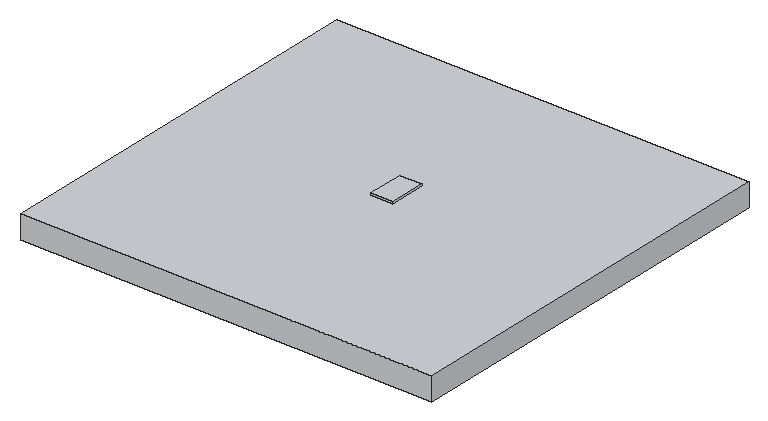
Revit family "4adca9bf16f84ef5a02845d76e020a47", category Electrical Fixtures, host Face, Revit 2021
Family settings
  Host = Face
  Maintain Annotation Orientation = Yes
  Round Connector Dimension = Use Diameter
  Part Type = Normal
  OmniClass Number = 23.80.50.11.17
  OmniClass Title = Ground Fault Receptacles
  Seek Item ID = Isolated Ground Receptacle-0000-USA-ENU
  Cut with Voids When Loaded = No
  Shared = No
  Room Calculation Point = No
Parameters (values of type "Standard")
  Switch Voltage = 120 V
  Load Classification = Receptacle
  Load = 180 VA
  Label = "IG"
  Default Elevation = 1' - 6"
  Assembly Code = ""
Reference planes (in)
  plane 1 "Center (Front/Back)": y = 0
  plane 2: z = 0
  plane 3 "Center (Left/Right)": x = 0
  plane 4: x = -1.375
  plane 5: x = 1.375
  plane 6: x = -0.75
  plane 7: x = 0.75
  plane 8: y = 2.25
  plane 9: y = -2.25
  plane 10: y = 1.5
  plane 11: y = -1.5
  plane 12 "level above": z = 0.1875
  plane 13 "level below": z = -2.125
Forms (in)
  Extrusion 1, solid
    sketch origin (0, 0, 0) x (1, 0, 0) y (0, 1, 0)
      loop
        line (-25.375, 22.5) -> (-25.375, -26.25) -> (25.375, -26.25) -> (25.375, 22.5) -> (-25.375, 22.5)
    from 0 to -2.86111
  Extrusion 2, solid
    sketch origin (0, 0, 0) x (1, 0, 0) y (0, 1, 0)
      loop
        line (-1.375, 2.25) -> (-1.375, -2.25) -> (1.375, -2.25) -> (1.375, 2.25) -> (-1.375, 2.25)
    from 0 to 0.1875
  Extrusion 3, solid
    sketch origin (0, 0, 0) x (1, 0, 0) y (0, 1, 0)
      loop
        line (-0.75, 1.5) -> (-0.75, -1.5) -> (0.75, -1.5) -> (0.75, 1.5) -> (-0.75, 1.5)
    from 0 to -2.125
Lines and regions (in)
  symbolic lines, detail levels fine
    curve 1: line (1.375, 0, 0) -> (-1.375, 0, 0)
    curve 2: line (1.375, 0, 0.1875) -> (1.375, 0, 0)
    curve 3: line (-1.375, 0, 0.1875) -> (1.375, 0, 0.1875)
    curve 4: line (-1.375, 0, 0) -> (-1.375, 0, 0.1875)
    curve 5: line (0.75, 0, -2.125) -> (-0.75, 0, -2.125)
    curve 6: line (0.75, 0, 0) -> (0.75, 0, -2.125)
    curve 7: line (-0.75, 0, -2.125) -> (-0.75, 0, 0)
Dimensions and locks (in)
  equal spacing: plane 6, plane 3 "Center (Left/Right)", plane 7, locked at 0.75 each
  locked: plane 6 to plane 7 at 1.5
  equal spacing: plane 4, plane 3 "Center (Left/Right)", plane 5, locked at 1.375 each
  locked: plane 4 to plane 5 at 2.75
  locked: plane 8 to plane 9 at 4.5
  locked: plane 12 "level above" to level at 0.1875
  locked: level to plane 13 "level below" at 2.125
  locked: plane 10 to plane 11 at 3
  equal spacing: plane 10, plane 1 "Center (Front/Back)", plane 11, locked at 1.5 each
  equal spacing: plane 8, plane 1 "Center (Front/Back)", plane 9, locked at 2.25 each
  aligned and locked: plane 2 to Extrusion 1
  aligned and locked: level to Extrusion 1
  aligned and locked: plane 8 to Extrusion 2
  aligned and locked: Extrusion 2 to plane 9
  aligned and locked: plane 5 to Extrusion 2
  aligned and locked: Extrusion 2 to plane 4
  aligned and locked: Extrusion 2 to level
  aligned and locked: plane 12 "level above" to Extrusion 2
  aligned and locked: plane 10 to Extrusion 3
  aligned and locked: Extrusion 3 to plane 6
  aligned and locked: plane 7 to Extrusion 3
  aligned and locked: Extrusion 3 to plane 11
  aligned and locked: Extrusion 3 to level
  aligned and locked: Extrusion 3 to plane 13 "level below"
  aligned and locked: curve 4 to plane 4
  aligned and locked: plane 5 to curve 2
  aligned and locked: curve 3 to plane 12 "level above"
  aligned and locked: plane 2 to curve 1
  aligned and locked: curve 7 to plane 6
  aligned and locked: plane 7 to curve 6
  aligned and locked: plane 13 "level below" to curve 5
  aligned and locked: plane 1 "Center (Front/Back)" to nested 1
  aligned and locked: plane 3 "Center (Left/Right)" to nested 1
Automatic sketch dimensions
  Extrusion 2 sketch curve to plane 4 = 0' - 0"
  Extrusion 2 sketch curve to plane 5 = 0' - 0"
  Extrusion 2 sketch curve to plane 9 = 0' - 0"
  Extrusion 2 sketch curve to plane 8 = 0' - 0"
  Extrusion 3 sketch curve to plane 6 = 0' - 0"
  Extrusion 3 sketch curve to plane 7 = 0' - 0"
  Extrusion 3 sketch curve to plane 11 = 0' - 0"
  Extrusion 3 sketch curve to plane 10 = 0' - 0"
  Extrusion 1 sketch curve to Extrusion 1 sketch curve = 4' - 2 3/4"
  Extrusion 1 sketch curve to Extrusion 1 sketch curve = 4' - 0 3/4"
Nested families (in)
  nested 1: "Receptacle Annotation 1" at (0, 0, 0), type "Receptacle Annotation 1", detail levels coarse+medium
Connectors (in)
  electrical at (0, 1.5, -1.0625), driven by "Switch Voltage", driven by "Load", driven by "Load Classification"
    settings: on Extrusion 3, index 1, voltage 120 V, apparent load 0 VA, apparent load phase1 180 VA, apparent load phase2 0 VA, apparent load phase3 0 VA, power factor 1, load classification "Receptacle", number of poles 1, system type 31, power factor state 1, is connector primary yes, connector utility no, sub classification motor no, connector description ""
Definition of nested family "Receptacle Annotation 1"
  Parameters
    Label Annotation = "IG"
  Reference planes (in)
    plane 1: y = 0
    plane 2: x = 0
  Lines and regions (in)
    reference lines
      curve 1: line (-0.56423, 0.125, 0) -> (0.61164, 0.125, 0)
    detail lines
      curve 2: circle (0, 0.125, 0) r 0.0625 normal (0, 0, 1)
      curve 3: line (-0.01562, 0.18552, 0) -> (-0.01562, 0, 0)
      curve 4: line (0.01563, 0.18552, 0) -> (0.01563, 0, 0)
  Text (in)
    label "CTR" at (0.03293, 0.23213, 0), shows "Label Annotation"
  Dimensions and locks (in)
    locked: plane 1 to curve 1 at 0.125
    locked: curve 3 to plane 2 at 0.01562
    locked: plane 2 to curve 4 at 0.01563
    radius of curve 2 = 0' - 0 1/16"
    aligned and locked: curve 1 to curve 2
    aligned and locked: plane 2 to curve 2
    aligned and locked: plane 1 to curve 4
